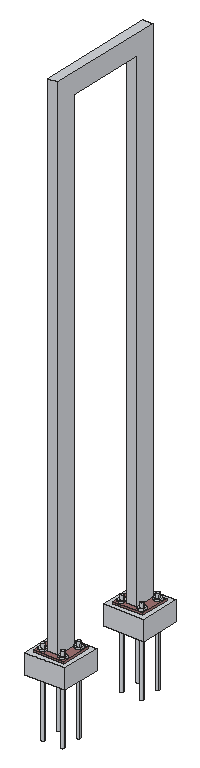
Revit family "TH_DA_U_Steel_Foundation", category Pipe Accessories, Revit 2023
Family settings
  Round Connector Dimension = Use Diameter
  Part Type = Normal
  Work Plane-Based = No
  Always vertical = Yes
  Cut with Voids When Loaded = No
  Shared = No
Parameters
  Website = "http://dscons.vn"  # constant formula
  USteel_Total Length [instance] = 600 mm
  USteel_Height [instance] = 2600 mm
  System_Type [instance] = ""
  Manufacturer = "DSCons Viet Nam Company Limited"  # constant formula
  H_FOUDATION [instance] = 100 mm
  Fanpage = "https://www.facebook.com/DSCons.VietNam/"  # constant formula
  Email = "contact@dscons.vn"  # constant formula
  Default Elevation = 0 mm
  Address = "4th, No.11, 153 Lane, Truong Chinh Street, Thanh Xuan District, Ha Noi City"  # constant formula
Reference planes
  plane 1 "Center (Front/Back)": y = 0
  plane 2: z = 0
  plane 3 "Center (Left/Right)": x = 0
  plane 4: y = 300
  plane 5: y = -300
  plane 6: z = -2600
  plane 7: z = -2610
  plane 8: z = -2710
  plane 9: y = 350
  plane 10: x = 100
  plane 11: x = -100
  plane 12: y = -350
  plane 13: y = 150
  plane 14: y = -150
Forms (mm)
  Sweep 1, solid
    path origin (-20, 0, 3.497) x (0, 1, 0) y (0, 0, 1)
      loop
        line (250, -2603.497) -> (250, -53.5) -> (-250, -53.5) -> (-250, -2603.497)
    profile origin (-20, 250, -1325.002) x (0, -1, 0) y (1, 0, 0)
      loop
        line (0, 45) -> (-50, 45) -> (-50, -5) -> (-45, -5) -> (-45, 40) -> (45, 40) -> (45, -5) -> (50, -5) -> (50, 45) -> (0, 45)
  Extrusion 2, solid
    sketch origin (-1385.711, 89.079, 0) x (1, 0, 0) y (0, 1, 0)
      loop
        line (1285.711, -239.079) -> (1285.711, -439.079) -> (1485.711, -439.079) -> (1485.711, -239.079) -> (1285.711, -239.079)
    from -2610 to -2710
  Extrusion 3, solid
    sketch origin (-1385.711, 1169.079, 0) x (1, 0, 0) y (0, 1, 0)
      loop
        line (1285.711, -819.079) -> (1285.711, -1019.079) -> (1485.711, -1019.079) -> (1485.711, -819.079) -> (1285.711, -819.079)
    from -2610 to -2710
Dimensions and locks
  equal spacing: plane 4, plane 1 "Center (Front/Back)", plane 5
  plane 4 to plane 5 = 600 mm
  "USteel_Height": level to plane 6
  locked: plane 7 to plane 6 at 10
  "H_FOUDATION": plane 7 to plane 8
  "USteel_Total Length": plane 4 to plane 5
  locked: Sweep 1 sketch curve to Sweep 1 sketch curve at 5  (x2)
  locked: Sweep 1 sketch curve to Sweep 1 sketch curve at 50  (x2)
  locked: Extrusion 2 sketch curve to Extrusion 2 sketch curve at 200  (x2)
  locked: Extrusion 3 sketch curve to Extrusion 3 sketch curve at 200  (x2)
  locked: plane 9 to plane 4 at 50
  locked: plane 3 "Center (Left/Right)" to plane 10 at 100
  locked: plane 11 to plane 3 "Center (Left/Right)" at 100
  locked: plane 5 to plane 12 at 50
  locked: plane 4 to plane 13 at 150
  locked: plane 14 to plane 5 at 150
  locked: plane 9 to nested 2 at 25
  locked: nested 2 to plane 10 at 25
  locked: nested 1 to plane 12 at 25
  locked: nested 1 to plane 10 at 25
  aligned and locked: level to plane 2
  aligned and locked: plane 9 to Extrusion 3
  aligned and locked: plane 10 to Extrusion 3
  aligned and locked: Extrusion 2 to Extrusion 3
  aligned and locked: plane 11 to Extrusion 3
  aligned and locked: Extrusion 3 to Extrusion 2
  aligned and locked: plane 12 to Extrusion 2
  aligned and locked: Extrusion 3 to plane 13
  aligned and locked: plane 14 to Extrusion 2
  aligned and locked: Extrusion 2 to plane 8
  aligned and locked: plane 7 to Extrusion 2
  aligned and locked: Extrusion 3 to plane 8
  aligned and locked: plane 7 to Extrusion 3
  aligned and locked: plane 6 to nested 2
  aligned and locked: plane 6 to nested 1
Automatic sketch dimensions
  Sweep 1 sketch curve to plane 6 = 0 mm  (x2)
  plane 5 to Sweep 1 sketch curve = 50 mm
  Sweep 1 sketch curve to plane 4 = 50 mm
  Sweep 1 sketch curve to level = 50.003 mm
  Sweep 1 sketch curve to profile plane = 0 mm
  profile plane to Sweep 1 sketch curve = 45 mm
  Sweep 1 sketch curve to profile plane = 5 mm
  Sweep 1 sketch curve to profile plane = 45 mm
  Sweep 1 sketch curve to Sweep 1 sketch curve = 5 mm
  Extrusion 2 sketch curve to plane 3 "Center (Left/Right)" = 100 mm
  Extrusion 2 sketch curve to plane 5 = 50 mm
  Extrusion 3 sketch curve to plane 3 "Center (Left/Right)" = 100 mm
  Extrusion 3 sketch curve to plane 1 "Center (Front/Back)" = 150 mm
Nested families
  nested 1: "Plate 200" at (-75, -325, -2610), type "Plate 200"
    with PLATE yes, H 1990 mm, B 150 mm, A 150 mm
  nested 2: "Plate 200" at (-75, 175, -2610), type "Plate 200"
    with PLATE yes, H 1990 mm, B 150 mm, A 150 mm
Definition of nested family "Plate 200"
  Parameters (values of type "Plate 200")
    PLATE [instance] = yes
    H [instance] = 1990 mm
    Default Elevation = 0 mm
    B [instance] = 150 mm
    A [instance] = 150 mm
  Reference planes
    plane 1 "Center (Front/Back)": y = 0
    plane 2: z = 0
    plane 3 "Center (Left/Right)": x = 0
    plane 4: z = 10
    plane 5: z = 18
    plane 6: z = 38
    plane 7: z = -400
    plane 8: x = 75
    plane 9: y = 75
  Forms (mm)
    Extrusion 1, solid, visible <- "PLATE"
      sketch origin (0, -26.142, 0) x (1, 0, 0) y (0, 1, 0)
        loop
          line (0, 26.142) -> (150, 26.142) -> (150, 176.142) -> (0, 176.142) -> (0, 26.142)
        loop
          circle (25, 151.142) r 8
        loop
          circle (125, 151.142) r 8
        loop
          circle (25, 51.142) r 8
        loop
          circle (125, 51.142) r 8
      from 0 to 10
    Extrusion 2, solid, visible <- "PLATE"
      sketch origin (200, 0, 0) x (-1, 0, 0) y (0, -1, 0)
        loop
          line (192, -134.815) -> (192, -115.185) -> (175, -105.37) -> (158, -115.185) -> (158, -134.815) -> (175, -144.63) -> (192, -134.815)
        loop
          line (58, -134.815) -> (75, -144.63) -> (92, -134.815) -> (92, -115.185) -> (75, -105.37) -> (58, -115.185) -> (58, -134.815)
        loop
          line (192, -15.185) -> (175, -5.37) -> (158, -15.185) -> (158, -34.815) -> (175, -44.63) -> (192, -34.815) -> (192, -15.185)
        loop
          line (58, -15.185) -> (58, -34.815) -> (75, -44.63) -> (92, -34.815) -> (92, -15.185) -> (75, -5.37) -> (58, -15.185)
      from 10 to 18
    Extrusion 3, solid, visible <- "PLATE"
      sketch origin (0, 0, 0) x (1, 0, 0) y (0, 1, 0)
        loop
          circle (125, 125) r 8
        loop
          circle (25, 125) r 8
        loop
          circle (125, 25) r 8
        loop
          circle (25, 25) r 8
      from -400 to 38
  Lines and regions (mm)
    reference lines
      curve 1: line (0, 100, 0) -> (200, 100, 0)
      curve 2: line (100, 0, 0) -> (100, 200, 0)
    model lines
      curve 3: line (100, 200, 0) -> (100, 0, 0)
      curve 4: line (0, 100, 0) -> (200, 100, 0)
  Dimensions and locks
    locked: plane 4 to level at 10
    "B": Extrusion 1 to Extrusion 1
    "A": Extrusion 1 to Extrusion 1
    locked: Extrusion 1 sketch curve to Extrusion 1 sketch curve at 25  (x8)
    plane 4 to plane 5 = 8 mm
    plane 5 to plane 6 = 20 mm
    plane 7 to level = 400 mm
    locked: Extrusion 3 sketch curve to Extrusion 1 at 25  (x2)
    locked: Extrusion 1 to Extrusion 3 sketch curve at 25  (x5)
    locked: plane 1 "Center (Front/Back)" to Extrusion 3 sketch curve at 25
    locked: Extrusion 2 sketch curve to Extrusion 2 sketch curve at 34  (x12)
    locked: Extrusion 2 sketch curve to Extrusion 1 at 25  (x3)
    locked: Extrusion 1 to Extrusion 2 sketch curve at 5.37  (x3)
    locked: plane 1 "Center (Front/Back)" to Extrusion 2 sketch curve at 5.37
    locked: Extrusion 1 to Extrusion 2 sketch curve at 25
    locked: plane 3 "Center (Left/Right)" to Extrusion 2 sketch curve at 25
    locked: Extrusion 1 to Extrusion 2 sketch curve at 8
    aligned and locked: level to plane 2
    aligned and locked: plane 6 to Extrusion 3
    aligned and locked: Extrusion 3 to plane 7
  Automatic sketch dimensions
    curve 4 to plane 3 "Center (Left/Right)" = 0 mm
    plane 1 "Center (Front/Back)" to curve 3 = 0 mm
    plane 3 "Center (Left/Right)" to curve 3 = 100 mm
    curve 3 to curve 4 = 100 mm
    curve 4 to plane 1 "Center (Front/Back)" = 100 mm
    curve 4 to curve 3 = 100 mm
    Extrusion 1 sketch curve to plane 3 "Center (Left/Right)" = 0 mm
    plane 1 "Center (Front/Back)" to Extrusion 1 sketch curve = 0 mm
    Extrusion 1 sketch curve to Extrusion 1 sketch curve = 100 mm  (x2)
    curve 1 to plane 3 "Center (Left/Right)" = 0 mm
    plane 1 "Center (Front/Back)" to curve 2 = 0 mm
    plane 3 "Center (Left/Right)" to curve 2 = 100 mm
    curve 2 to curve 1 = 100 mm
    curve 1 to plane 1 "Center (Front/Back)" = 100 mm
    curve 1 to curve 2 = 100 mm
    Extrusion 2 sketch curve to plane 1 "Center (Front/Back)" = 15.185 mm  (x2)
    Extrusion 2 sketch curve to Extrusion 2 sketch curve = 0 mm
    Extrusion 2 sketch curve to Extrusion 2 sketch curve = 17 mm  (x5)
    Extrusion 2 sketch curve to Extrusion 2 sketch curve = 9.815 mm  (x2)
    radius of Extrusion 1 sketch curve = 8 mm  (x4)
    radius of Extrusion 3 sketch curve = 8 mm  (x4)
